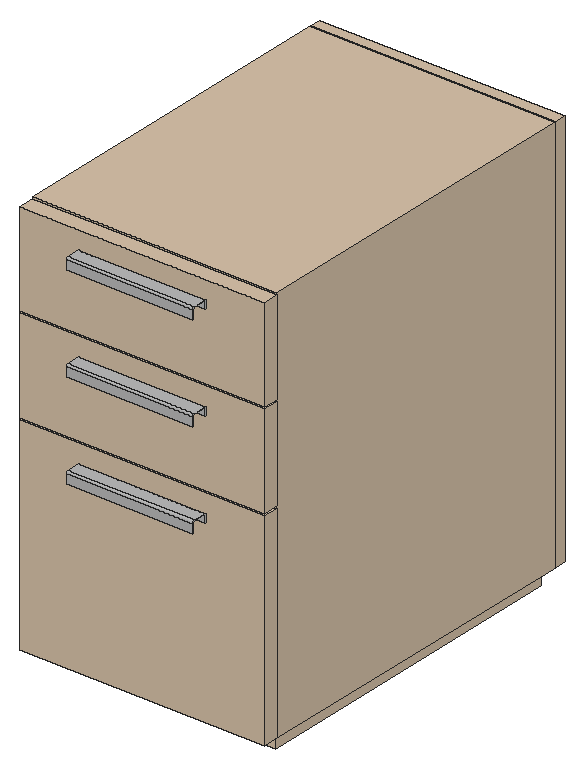
Revit family "Haworth_ComposeStorage_Pedestal", category Furniture Systems, Revit 2018
Family settings
  Round Connector Dimension = Use Diameter
  Part Type = Normal
  OmniClass Number = 23.40.70.14.64.21
  OmniClass Title = Systems Furniture
  Work Plane-Based = No
  Always vertical = Yes
  Cut with Voids When Loaded = No
  Shared = No
  Room Calculation Point = No
Parameters (values of type "Box Box File")
  Warranty = "http://www.haworth.com/resources/product-info/warranties"
  URL - Product = "www.haworth.com/products/storage/cabinets-towers/compose"
  Top Spacer = no
  Sustainability Info = "http://media.haworth.com/asset/2999/Compose%20PEDS.pdf"
  Spacer Finish = Haworth _ Wood _ White Oak
  Side Panel Base = not(or(Plynth Base, Chamfer Legs))  # yes
  Pull Finish = Haworth _ Paint _ Metallic Champagne
  Plynth Base = no
  Patterns Pull = not(or(Linear Pull, J Pull, Crescent Pull, Classic Pull))  # yes
  Model = "BZM"  # constant formula
  Min. Depth = 18"  # constant formula
  Max. Depth = 30"  # constant formula
  Linear Pull = no
  J Pull = no
  Finished Back = yes
  File File = no
  Drawer Width Middle = 17 15/16"  # constant formula
  Drawer Height Top = if(Plynth Base, 11 7/8", 12")  # 12"
  Drawer Height Middle = 12"  # constant formula
  Drawer Height Box = 5 15/16"  # constant formula
  Drawer Height Bottom = 13"  # constant formula
  Drawer Finish = Haworth _ Wood _ White Oak
  Description = "Haworth - Compose Storage Pedestal"  # constant formula
  Depth Adjuster = 1"  # constant formula
  Depth = 24"
  Shelf 1 = no
  URL = "www.haworth.com"
  Size = "Verify Final Dim. w/ Haworth"  # constant formula
  Revision Number = "3"  # constant formula
  Manufacturer = "Haworth"  # constant formula
  Custom Size = not(or(Depth = 18", Depth = 24", Depth = 30"))  # no
  Crescent Pull = no
  Classic Pull = no
  Chamfer Legs = no
  Spacer Height = if(Top Spacer, 1 1/4", 0")  # 0"
  Cabinet Finish = Haworth _ Wood _ White Oak
  Box Box File = not(File File)  # yes
  Base Low = or(Side Panel Base, Chamfer Legs)  # yes
  Base Height = if(Side Panel Base, 1", 1 1/4")  # 1"
  Base Finish = Haworth _ Wood _ White Oak
  Base = not(Chamfer Legs)  # yes
  Back Finish = Haworth _ Wood _ White Oak
  Author = "Haworth (Hampton), SHAPE Environments, LLC"  # constant formula
  Assembly Code = "E2020200"
  Standard Widths = "15.5 in."  # constant formula
  Standard Depths = "18, 24, 30 in."  # constant formula
  Actual Width = 15 1/2"  # constant formula
  Actual Height = if(Top Spacer, 27 1/2", 26 1/4")  # 26 1/4"
  Actual Depth = if(Depth > Max. Depth, Max. Depth - 1", if(Depth < Min. Depth, Min. Depth - 1", Depth - 1"))  # 23"
Types (2): name | File File | Box Box File
  Box Box File | no | yes
  File File | yes | no
Reference planes (in)
  plane 1 "Center F/B": y = 2
  plane 2 "Unit Bottom": z = 1
  plane 3 "Center L/R": x = 0.00055
  plane 4 "Unit Top": z = 26.25
  plane 5 "Base Bottom": z = 0
  plane 6 "Unit Left Edge": x = -7.74945
  plane 7 "Right": x = 7.75055
  plane 8 "Base Right Edge": x = 7.25055
  plane 9 "Left": x = -7.24945
  plane 10 "Base Rear Edge": y = 12.5
  plane 11 "Back": y = 13
  plane 12 "Base Front Edge": y = -8.5
  plane 13 "Face of Cabinet": y = -9
  plane 14 "Left Interior": x = -6.99918
  plane 15 "Right Interior": x = 7.00027
  plane 16 "Cabinet Interior Top": z = 25.5
  plane 17 "Cabinet Interior Bottom": z = 1.75
  plane 18: z = 26.25
  plane 19 "Front": y = -10
  plane 20: y = 13.75
  plane 21 "Back Panel Front": y = 11.625
  plane 22 "Back Panel Back": y = 12
  plane 23 "Drawer Placement 1": z = 14
  plane 24 "Drawer Placement 2": z = 14.125
  plane 25 "Drawer Placement 3": z = 26.125
  plane 26 "Drawer Placement 4": z = 26.25
  plane 27: x = -7.24945
  plane 28: x = 7.25055
  plane 29: z = 27.5
Forms (in)
  Extrusion 1, solid, material "Haworth _ Wood _ White Oak" <- "Base Finish", visible <- "Base"
    sketch origin (0, 0, 0) x (1, 0, 0) y (0, 1, 0)
      loop
        line (7.25055, 12.5) -> (-7.24945, 12.5) -> (-7.24945, -8.5) -> (7.25055, -8.5) -> (7.25055, 12.5)
    from 0 to 1
  Extrusion 2, solid, material "Haworth _ Wood _ White Oak" <- "Cabinet Finish"
    sketch origin (0, 0, 0) x (1, 0, 0) y (0, 1, 0)
      loop
        line (-6.99918, 12) -> (-6.99918, 11.625) -> (7.00027, 11.625) -> (7.00027, 12) -> (-6.99918, 12)
    from 1.75 to 25.5
  Extrusion 3, solid, material "Haworth _ Wood _ White Oak" <- "Cabinet Finish"
    sketch origin (0, 13, 0) x (1, 0, 0) y (0, 0, 1)
      loop
        line (-7.74945, 26.25) -> (-7.74945, 1) -> (7.75055, 1) -> (7.75055, 26.25) -> (-7.74945, 26.25)
      loop
        line (-6.99945, 25.5) -> (-6.99945, 1.75) -> (7.00027, 1.75) -> (7.00027, 25.5) -> (-6.99945, 25.5)
    from 0 to 22
  Extrusion 4, solid, material "Haworth _ Wood _ White Oak" <- "Spacer Finish", visible <- "Top Spacer"
    sketch origin (-14.065, -180, 26.25) x (-1, 0, 0) y (0, -1, 0)
      loop
        line (-21.31555, -192.5) -> (-6.81555, -192.5) -> (-6.81555, -171.5) -> (-21.31555, -171.5) -> (-21.31555, -192.5)
    from 0 to 1.25
  Extrusion 5, solid, material "Haworth _ Wood _ White Oak" <- "Back Finish", visible <- "Finished Back"
    sketch origin (0, 13, 0) x (1, 0, 0) y (0, 0, 1)
      loop
        line (-7.74945, 26.25) -> (-7.74945, 1) -> (7.75055, 1) -> (7.75055, 26.25) -> (-7.74945, 26.25)
    from 0 to -0.75
Lines and regions (in)
  Masking region 1
    outline origin (0, 0, 0) x (1, 0, 0) y (0, 1, 0)
      loop
        line (-7.74945, 13) -> (-7.74945, -9) -> (7.75055, -9) -> (7.75055, 13) -> (-7.74945, 13)
  Masking region 2, visible <- "Finished Back"
    outline origin (0, 0, 0) x (1, 0, 0) y (0, 1, 0)
      loop
        line (-7.74945, 13.75) -> (-7.74945, 13) -> (7.75055, 13) -> (7.75055, 13.75) -> (-7.74945, 13.75)
  symbolic lines, style "Haworth", not visible
    curve 1: line (7.75055, -10, 0) -> (-7.74945, -10, 0)
    curve 2: line (7.75055, -10, 0) -> (7.75055, -9, 0)
    curve 3: line (-7.74945, -10, 0) -> (-7.74945, -9, 0)
    curve 4: line (0.00055, -10, 0) -> (0.00055, -9, 0)
Dimensions and locks (in)
  equal spacing: plane 6 "Unit Left Edge", plane 3 "Center L/R", plane 7 "Right"
  "Actual Width": plane 6 "Unit Left Edge" to plane 7 "Right"
  equal spacing: plane 13 "Face of Cabinet", plane 1 "Center F/B", plane 11 "Back"
  "Actual Depth": plane 19 "Front" to plane 11 "Back"
  "Actual Height": plane 18 to level
  Extrusion 3 to plane 7 "Right" = 0.75027"
  locked: plane 6 "Unit Left Edge" to Extrusion 3 at 0.75
  locked: plane 6 "Unit Left Edge" to plane 9 "Left" at 0.5
  locked: plane 8 "Base Right Edge" to plane 7 "Right" at 0.5
  locked: plane 13 "Face of Cabinet" to plane 12 "Base Front Edge" at 0.5
  locked: plane 6 "Unit Left Edge" to plane 14 "Left Interior" at 0.75027
  locked: plane 15 "Right Interior" to plane 7 "Right" at 0.75027
  locked: plane 17 "Cabinet Interior Bottom" to plane 2 "Unit Bottom" at 0.75
  locked: plane 10 "Base Rear Edge" to plane 11 "Back" at 0.5
  "Base Height": plane 2 "Unit Bottom" to level
  "Spacer Height": plane 18 to plane 4 "Unit Top"
  locked: plane 4 "Unit Top" to plane 16 "Cabinet Interior Top" at 0.75
  "Depth Adjuster": plane 19 "Front" to plane 13 "Face of Cabinet"
  locked: plane 20 to plane 11 "Back" at 0.75
  plane 11 "Back" to plane 22 "Back Panel Back" to plane 21 "Back Panel Front" = 1", 3/8"
  "Drawer Height Bottom": plane 23 "Drawer Placement 1" to plane 2 "Unit Bottom"
  plane 24 "Drawer Placement 2" to plane 23 "Drawer Placement 1" = 1/8"
  plane 26 "Drawer Placement 4" to plane 25 "Drawer Placement 3" = 1/8"
  "Drawer Height Middle": plane 25 "Drawer Placement 3" to plane 24 "Drawer Placement 2"
  aligned: Extrusion 1 to level
  aligned: plane 4 "Unit Top" to Extrusion 3  (x3)
  aligned: level to Extrusion 1
  aligned: Extrusion 2 to Extrusion 3  (x4)
  aligned: Extrusion 3 to plane 11 "Back"  (x2)
  aligned: Extrusion 2 to plane 11 "Back"  (x2)
  aligned and locked: Extrusion 1 to plane 10 "Base Rear Edge"
  aligned and locked: plane 9 "Left" to Extrusion 1
  aligned and locked: plane 8 "Base Right Edge" to Extrusion 1
  aligned: plane 7 "Right" to Extrusion 3
  aligned: plane 6 "Unit Left Edge" to Extrusion 3
  aligned: plane 13 "Face of Cabinet" to Extrusion 3  (x2)
  aligned and locked: plane 12 "Base Front Edge" to Extrusion 1
  aligned: plane 2 "Unit Bottom" to Extrusion 3
  aligned: Extrusion 1 to plane 5 "Base Bottom"  (x2)
  aligned: plane 2 "Unit Bottom" to Extrusion 1  (x2)
  aligned and locked: plane 15 "Right Interior" to Extrusion 2
  aligned and locked: plane 14 "Left Interior" to Extrusion 2
  aligned: Extrusion 3 to plane 2 "Unit Bottom"
  aligned: plane 3 "Center L/R" to nested 1
  aligned: nested 1 to plane 15 "Right Interior"
  aligned: nested 1 to plane 14 "Left Interior"
  aligned: plane 16 "Cabinet Interior Top" to Extrusion 3
  aligned: plane 17 "Cabinet Interior Bottom" to Extrusion 3
  aligned and locked: nested 1 to plane 13 "Face of Cabinet"
  aligned and locked: level to plane 5 "Base Bottom"
  aligned and locked: nested 1 to plane 14 "Left Interior"
  aligned and locked: nested 1 to plane 15 "Right Interior"
  aligned and locked: plane 16 "Cabinet Interior Top" to Extrusion 3 sketch curve
  aligned and locked: plane 16 "Cabinet Interior Top" to Extrusion 2
  aligned and locked: plane 2 "Unit Bottom" to Extrusion 1
  aligned and locked: Extrusion 2 to plane 17 "Cabinet Interior Bottom"
  aligned and locked: Masking region 1 sketch curve to Extrusion 3  (x2)
  aligned and locked: plane 13 "Face of Cabinet" to Extrusion 3
  aligned and locked: plane 13 "Face of Cabinet" to nested 3
  aligned and locked: plane 6 "Unit Left Edge" to nested 3
  aligned and locked: plane 7 "Right" to nested 5
  aligned and locked: nested 5 to plane 13 "Face of Cabinet"
  aligned and locked: nested 2 to plane 6 "Unit Left Edge"
  aligned and locked: nested 4 to plane 7 "Right"
  aligned and locked: plane 11 "Back" to nested 2
  aligned and locked: nested 4 to plane 11 "Back"
  aligned and locked: Extrusion 5 sketch curve to Extrusion 3  (x2)
  aligned and locked: Extrusion 5 sketch curve to nested 4
  aligned and locked: plane 20 to Extrusion 5
  aligned and locked: Masking region 2 sketch curve to plane 7 "Right"
  aligned and locked: plane 6 "Unit Left Edge" to Masking region 2 sketch curve
  aligned and locked: Masking region 2 sketch curve to plane 11 "Back"
  aligned and locked: Masking region 2 sketch curve to plane 20
  aligned and locked: Extrusion 2 to plane 22 "Back Panel Back"
  aligned and locked: plane 21 "Back Panel Front" to Extrusion 2
  aligned and locked: nested 1 to plane 21 "Back Panel Front"
  aligned and locked: plane 2 "Unit Bottom" to Extrusion 5 sketch curve
  aligned and locked: plane 3 "Center L/R" to nested 6
  aligned and locked: plane 13 "Face of Cabinet" to nested 6
  aligned and locked: plane 2 "Unit Bottom" to nested 6
  aligned and locked: plane 13 "Face of Cabinet" to nested 7
  aligned and locked: nested 7 to plane 24 "Drawer Placement 2"
  aligned and locked: nested 1 to plane 23 "Drawer Placement 1"
  aligned and locked: nested 7 to plane 7 "Right"
  aligned and locked: plane 6 "Unit Left Edge" to nested 8
  aligned and locked: plane 19 "Front" to nested 8
  aligned and locked: nested 8 to plane 24 "Drawer Placement 2"
  aligned and locked: nested 9 to plane 25 "Drawer Placement 3"
  aligned and locked: plane 19 "Front" to nested 9
  aligned and locked: nested 9 to plane 7 "Right"
  aligned and locked: plane 11 "Back" to Extrusion 5
  aligned and locked: Extrusion 4 to plane 10 "Base Rear Edge"
  aligned and locked: plane 12 "Base Front Edge" to Extrusion 4
  aligned and locked: Extrusion 1 to plane 5 "Base Bottom"
  aligned and locked: plane 7 "Right" to Extrusion 3
  aligned and locked: Extrusion 3 to plane 6 "Unit Left Edge"
  aligned and locked: Extrusion 3 to Extrusion 2
  aligned and locked: Extrusion 4 to plane 28
  aligned and locked: plane 29 to Extrusion 4
  aligned and locked: plane 27 to Extrusion 4
  aligned and locked: plane 26 "Drawer Placement 4" to Extrusion 4
  aligned and locked: Extrusion 3 to plane 11 "Back"
Automatic sketch dimensions
  Extrusion 1 sketch curve to plane 9 "Left" = 0"
  plane 8 "Base Right Edge" to Extrusion 1 sketch curve = 0"
  plane 12 "Base Front Edge" to Extrusion 1 sketch curve = 0"
  plane 10 "Base Rear Edge" to Extrusion 1 sketch curve = 0"
  Extrusion 2 sketch curve to plane 14 "Left Interior" = 0"
  plane 11 "Back" to Extrusion 2 sketch curve = 1"
  Extrusion 2 sketch curve to plane 15 "Right Interior" = 0"
  Extrusion 3 sketch curve to plane 2 "Unit Bottom" = 0"
  Extrusion 3 sketch curve to plane 6 "Unit Left Edge" = 0"
  Extrusion 3 sketch curve to plane 17 "Cabinet Interior Bottom" = 0"
  plane 4 "Unit Top" to Extrusion 3 sketch curve = 0"
  plane 14 "Left Interior" to Extrusion 3 sketch curve = 0.00027"
  Extrusion 3 sketch curve to plane 15 "Right Interior" = 0"
  plane 7 "Right" to Extrusion 3 sketch curve = 0"
  Extrusion 4 sketch curve to plane 8 "Base Right Edge" = 0"
  Extrusion 4 sketch curve to plane 9 "Left" = 0"
  plane 10 "Base Rear Edge" to Extrusion 4 sketch curve = 0"
  plane 12 "Base Front Edge" to Extrusion 4 sketch curve = 0"
  plane 13 "Face of Cabinet" to curve 3 = 0"
  plane 13 "Face of Cabinet" to curve 4 = 0"
  plane 13 "Face of Cabinet" to curve 2 = 0"
  curve 4 to curve 4 = 1"
  Extrusion 2 sketch curve to Extrusion 2 sketch curve = 3/8"
  curve 4 to plane 3 "Center L/R" = 0"
  curve 2 to plane 7 "Right" = 0"
  Masking region 1 sketch curve to plane 7 "Right" = 0"
  plane 13 "Face of Cabinet" to Masking region 1 sketch curve = 0"
  curve 1 to plane 6 "Unit Left Edge" = 0"
Nested families (in)
  nested 1: "Haworth_Shelf" at (-8.24945, -2.9375, 13.25), visible <- "Shelf 1", type "Haworth_Shelf"
    with Shelf Width 13.99945", Shelf Thickness 3/4", Shelf Depth 20 5/8"
  nested 2: "Haworth_Feet" at (-6.81195, 13, 0), visible <- "Chamfer Legs", type "Haworth_Feet"
  nested 3: "Haworth_Feet" at (-6.81195, -9, 0), visible <- "Chamfer Legs", type "Haworth_Feet"
  nested 4: "Haworth_Feet" at (6.81305, 13, 0) x (-1, 0, 0) z (0, 0, 1), visible <- "Chamfer Legs", type "Haworth_Feet"
  nested 5: "Haworth_Feet" at (6.81305, -9, 0) x (-1, 0, 0) z (0, 0, 1), visible <- "Chamfer Legs", type "Haworth_Feet"
  nested 6: "Haworth_Drawer" at (0.00055, -9, 1), type "Haworth_Drawer_Bottom"
    with J Pull Drawer no
  nested 7: "Haworth_Drawer" at (0.00055, -9, 14.125), visible <- "File File", type "Haworth_Drawer_Middle"
    with J Pull Drawer no
  nested 8: "Haworth_Drawer" at (0.00055, -9, 14.125), visible <- "Box Box File", type "Haworth_Drawer_Box"
    with J Pull Drawer no
  nested 9: "Haworth_Drawer" at (0.00055, -9, 20.1875), visible <- "Box Box File", type "Haworth_Drawer_Box"
    with J Pull Drawer no
Definition of nested family "Haworth_Shelf"
  Parameters
    Width = 0"
    Warranty = ""
    URL - Product = ""
    URL = "www.haworth.com"
    Sustainability Info = ""
    Size = "Verify Final Dim. w/ Haworth"  # constant formula
    Shelf Thickness [instance] = 3/4"
    Shelf Finish = none
    Revision Number = ""
    Shelf Width [instance] = 12"
    Shelf Depth [instance] = 12"
    OmniClass Number = ""
    Min/Max Width = ""
    Min/Max Height = ""
    Min. Width = 0"
    Max. Width = 0"
    Min. Height = 0"
    Max. Height = 0"
    Material Options = ""
    Manufacturer = "Haworth"  # constant formula
    LEED Data = ""
    Height = 0"
    Author = "SHAPE Environments, LLC"  # constant formula
    Assembly Code = ""
    Actual Width = 0"
    Actual Height = 0"
  Reference planes (in)
    plane 1 "Center F/B": y = 4.25
    plane 2: z = 0
    plane 3 "Center L/R": x = 8.25
    plane 4 "Panel Left": x = 2.25
    plane 5 "Panel Right": x = 14.25
    plane 6 "Panel Back": y = 10.25
    plane 7 "Panel Front": y = -1.75
    plane 8 "Panel Top": z = 0.75
  Forms (in)
    Extrusion 1, solid, material <- "Shelf Finish"
      sketch origin (0, 0, 0) x (1, 0, 0) y (0, 1, 0)
        loop
          line (2.25, 10.25) -> (2.25, -1.75) -> (14.25, -1.75) -> (14.25, 10.25) -> (2.25, 10.25)
      from 0 to 0.75
  Dimensions and locks (in)
    equal spacing: plane 6 "Panel Back", plane 1 "Center F/B", plane 7 "Panel Front"
    "Shelf Depth": plane 6 "Panel Back" to plane 7 "Panel Front"
    equal spacing: plane 4 "Panel Left", plane 3 "Center L/R", plane 5 "Panel Right"
    "Shelf Width": plane 4 "Panel Left" to plane 5 "Panel Right"
    "Shelf Thickness": plane 8 "Panel Top" to level
    aligned and locked: plane 4 "Panel Left" to Extrusion 1 sketch curve
    aligned and locked: Extrusion 1 sketch curve to plane 6 "Panel Back"
    aligned and locked: plane 7 "Panel Front" to Extrusion 1 sketch curve
    aligned and locked: Extrusion 1 sketch curve to plane 5 "Panel Right"
    aligned and locked: plane 8 "Panel Top" to Extrusion 1
Definition of nested family "Haworth_Feet"
  Parameters
    URL = "www.haworth.com"
    Sustainability Info = ""
    Material Options = ""
    Manufacturer = "Haworth"  # constant formula
    LEED Data = ""
    Foot Height = 1"
    Foot Finish = none
    Author = "SHAPE Environments, LLC"  # constant formula
    Assembly Code = ""
  Reference planes (in)
    plane 1 "Center F/B": y = 0
    plane 2: z = 0
    plane 3 "Center L/R": x = 0
    plane 4: z = 1
  Forms (in)
    Extrusion 1, solid, material <- "Foot Finish"
      sketch origin (-0.14373, 0, 0) x (0, 1, 0) y (0, 0, 1)
        loop
          line (-1.29167, 0.25) -> (-1.25, 0) -> (0, 0) -> (0, 1) -> (-3.75, 1) -> (-3.75, 0.5) -> (-1.54167, 0.5)
          arc (-1.54167, 0.5) -> (-1.36489, 0.42678) -> (-1.29167, 0.25) r 0.25
      from -0.79377 to 1.08123
  Dimensions and locks (in)
    "Foot Height": plane 4 to level
    plane 1 "Center F/B" to Extrusion 1 sketch curve = 3 3/4"
    locked: level to Extrusion 1 sketch curve (angle 80.5377°)
  Automatic sketch dimensions
    Extrusion 1 sketch curve to level = 0"
    Extrusion 1 sketch curve to plane 1 "Center F/B" = 0"
    plane 1 "Center F/B" to Extrusion 1 sketch curve = 1 1/4"
    Extrusion 1 sketch curve to Extrusion 1 sketch curve = 1/4"
    plane 4 to Extrusion 1 sketch curve = 0"
    plane 4 to Extrusion 1 sketch curve = 3/4"
Definition of nested family "Haworth_Drawer"
  Parameters (values of type "Haworth_Drawer_Box")
    Pull Taper = no
    Pull Radius = no
    Pull Patterns = yes
    Pull Linear = no
    Pull Height = 1 7/16"
    Pull Finish = none
    Pull Ellipse = no
    Pull Crescent = no
    Pull Classic = no
    J Pull Drawer [instance] = J Pull  # no
    J Pull = no
    Integral Pull Location = if(Integral Pull, 3 5/8", 1")  # 1"
    Integral Pull = no
    Front Finish = none
    Drawer Width = 15 1/2"
    Flush Drawer = not(J Pull)  # yes
    Drawer Height = 5 15/16"
    Drawer Finish = none
    Drawer Depth = 1"
    Assembly Code = ""
  Types (3): name | Drawer Height
    Haworth_Drawer_Box | 5 15/16"
    Haworth_Drawer_Middle | 12"
    Haworth_Drawer_Bottom | 13"
  Reference planes (in)
    plane 1 "Drawer Back": y = 0
    plane 2: z = 0
    plane 3 "Center L/R": x = 0
    plane 4 "Drawer Front": y = -1
    plane 5 "Left": x = -7.75
    plane 6 "Right": x = 7.75
    plane 7 "Top": z = 5.9375
    plane 8: y = -4
    plane 9: y = -3
    plane 10 "Integral Top": z = 4.21875
    plane 11 "Pull Location": z = 4.5
    plane 12 "Integral Bottom": z = 4.78125
  Forms (in)
    Extrusion 1, solid, material <- "Drawer Finish", visible <- "J Pull Drawer"
      sketch origin (-7.75, 0, 0) x (0, 1, 0) y (0, 0, 1)
        loop
          line (0, 5.9375) -> (-0.25, 5.9375) -> (-0.25, 5.375) -> (-1, 5.375) -> (-1, 0) -> (0, 0) -> (0, 5.9375)
      from 0 to 15.5
    Extrusion 2, solid, material <- "Drawer Finish", visible <- "Flush Drawer"
      sketch origin (-7.75, 0, 2.25) x (0, 1, 0) y (0, 0, 1)
        loop
          line (0, 3.6875) -> (-1, 3.6875) -> (-1, -2.25) -> (0, -2.25) -> (0, 3.6875)
      from 0 to 15.5
    Extrusion 3, void
      sketch origin (0, -1, 0) x (-1, 0, 0) y (0, 0, 1)
        loop
          line (4, 4.21875) -> (4, 4.78125) -> (-4, 4.78125) -> (-4, 4.21875) -> (4, 4.21875)
      from -3.25 to -2
  Cuts and joins
    Extrusion 3 cuts Extrusion 1
    Extrusion 3 cuts Extrusion 2
  Lines and regions (in)
    Masking region 1
      outline origin (0, 0, 0) x (1, 0, 0) y (0, 1, 0)
        loop
          line (-7.75, 0) -> (-7.75, -1) -> (7.75, -1) -> (7.75, 0) -> (-7.75, 0)
  Dimensions and locks (in)
    equal spacing: plane 5 "Left", plane 3 "Center L/R", plane 6 "Right"
    "Drawer Width": plane 5 "Left" to plane 6 "Right"
    "Drawer Depth": plane 1 "Drawer Back" to plane 4 "Drawer Front"
    "Drawer Height": plane 7 "Top" to level
    locked: plane 8 to plane 1 "Drawer Back" at 4
    "Integral Pull Location": plane 8 to plane 9
    equal spacing: Extrusion 3 sketch curve, plane 3 "Center L/R", Extrusion 3 sketch curve
    locked: Extrusion 3 sketch curve to Extrusion 3 sketch curve at 8
    "Pull Height": plane 7 "Top" to plane 11 "Pull Location"
    equal spacing: plane 12 "Integral Bottom", plane 11 "Pull Location", plane 10 "Integral Top"
    locked: plane 12 "Integral Bottom" to plane 10 "Integral Top" at 0.5625
    aligned and locked: Extrusion 1 sketch curve to plane 1 "Drawer Back"
    aligned and locked: Extrusion 1 sketch curve to plane 2
    aligned and locked: Extrusion 1 sketch curve to plane 4 "Drawer Front"
    aligned and locked: Extrusion 1 to plane 6 "Right"
    aligned and locked: Extrusion 2 to plane 6 "Right"
    aligned and locked: plane 1 "Drawer Back" to Extrusion 2 sketch curve
    aligned and locked: plane 7 "Top" to Extrusion 2 sketch curve
    aligned and locked: level to Extrusion 2 sketch curve
    aligned and locked: Extrusion 2 sketch curve to plane 4 "Drawer Front"
    aligned: plane 7 "Top" to nested 1
    aligned: Extrusion 3 to plane 8
    aligned: plane 9 to Extrusion 3
    aligned and locked: nested 1 to plane 4 "Drawer Front"
    aligned and locked: plane 12 "Integral Bottom" to Extrusion 3 sketch curve
    aligned and locked: nested 1 to plane 11 "Pull Location"
    aligned and locked: plane 3 "Center L/R" to nested 1
    aligned and locked: plane 9 to Extrusion 3
    aligned and locked: plane 4 "Drawer Front" to Masking region 1 sketch curve
    aligned and locked: plane 1 "Drawer Back" to Masking region 1 sketch curve
    aligned and locked: plane 5 "Left" to Masking region 1 sketch curve
    aligned and locked: plane 6 "Right" to Masking region 1 sketch curve
  Automatic sketch dimensions
    Extrusion 1 sketch curve to plane 7 "Top" = 0"
    plane 1 "Drawer Back" to Extrusion 1 sketch curve = 1/4"
    Extrusion 1 sketch curve to Extrusion 1 sketch curve = 9/16"
    Extrusion 3 sketch curve to plane 10 "Integral Top" = 0"
  Nested families (in)
    nested 1: "Haworth_Drawer-Pulls" at (0, -1, 4.5), type "Pull"
      with Patterns yes, Linear no
  Definition of nested family "Haworth_Drawer-Pulls"
    Parameters
      Taper = no
      Radius = no
      Patterns = no
      Linear = yes
      Handle Finish = none
      Ellipse = no
      Cresent = no
      Classic = no
      Assembly Code = ""
    Reference planes (in)
      plane 1 "Center Front/Back": y = 0
      plane 2: z = 0
      plane 3 "Center Left/Right": x = 0
    Forms (in)
      Extrusion 1, solid, material <- "Handle Finish", visible <- "Ellipse"
        sketch origin (0, 0, 0.15915) x (0, 1, 0) y (0, 0, 1)
          loop
            arc (-0.03015, 0) -> (-0.26713, -0.02983) -> (-0.49038, -0.11475) r 1.00501
            arc (-0.49038, -0.11475) -> (-0.65216, -0.22112) -> (-0.78985, -0.35725) r 0.97894
            arc (-0.78985, -0.35725) -> (-0.87314, -0.47263) -> (-0.94033, -0.59807) r 1.0667
            arc (-0.94033, -0.59807) -> (-0.90977, -0.66145) -> (-0.84562, -0.63254) r 0.05041
            arc (-0.84562, -0.63254) -> (-0.67669, -0.39049) -> (-0.44702, -0.20509) r 1.04885
            arc (-0.44702, -0.20509) -> (-0.35012, -0.16094) -> (-0.24858, -0.12892) r 0.8735
            arc (-0.24858, -0.12892) -> (-0.16053, -0.15188) -> (-0.11419, -0.23018) r 0.11948
            arc (-0.11419, -0.23018) -> (-0.0664, -0.27738) -> (0, -0.26729) r 0.07488
            line (0, -0.26729) -> (0, -0.05102) -> (-0.03015, 0)
        from -6.51863 to 6.51698
      Extrusion 2, void
        sketch origin (0, 0, 0.15915) x (1, 0, 0) y (0, 1, 0)
          loop
            line (-6.49996, 0) -> (-6.67266, 0) -> (-6.67266, -1.11616) -> (6.67266, -1.11616) -> (6.67266, 0) -> (6.49996, 0)
            arc (6.49996, 0) -> (6.46575, -0.17809) -> (6.37201, -0.33332) r 0.51574
            arc (6.37201, -0.33332) -> (6.23583, -0.44508) -> (6.07096, -0.50713) r 0.54076
            arc (6.07096, -0.50713) -> (4.5721, -0.7479) -> (3.05951, -0.87689) r 20.46435
            arc (3.05951, -0.87689) -> (0, -0.95029) -> (-3.05951, -0.87689) r 63.79827
            arc (-3.05951, -0.87689) -> (-4.5721, -0.7479) -> (-6.07096, -0.50713) r 20.46435
            arc (-6.07096, -0.50713) -> (-6.23583, -0.44508) -> (-6.37201, -0.33332) r 0.54076
            arc (-6.37201, -0.33332) -> (-6.46575, -0.17809) -> (-6.49996, 0) r 0.51574
        from 0 to -0.90865
      Blend 3, solid, material <- "Handle Finish", visible <- "Radius"
        base sketch origin (0, 0, 0.3125) x (0, 1, 0) y (0, 0, -1)
          loop
            line (0, 0) -> (0, 0.625) -> (-0.40339, 0.625)
            arc (-0.40339, 0.625) -> (-0.71589, 0.3125) -> (-0.40339, 0) r 0.3125
            line (-0.40339, 0) -> (0, 0)
        top sketch origin (0, 0, 0.3125) x (0, 1, 0) y (0, 0, -1)
          loop
            line (0, 0) -> (0, 0.625) -> (-0.77884, 0.625)
            arc (-0.77884, 0.625) -> (-1.09134, 0.3125) -> (-0.77884, 0) r 0.3125
            line (-0.77884, 0) -> (0, 0)
        from -4.875 to -3.625
      Sweep 4, solid, material <- "Handle Finish", visible <- "Radius"
        path origin (0, 0, 0) x (1, 0, 0) y (0, 1, 0)
          loop
            arc (-4.875, -0.71589) -> (0, -1.5425) -> (4.875, -0.71589) r 14.78881
        profile origin (0, -1.5425, 0) x (0, 1, 0) y (0, 0, 1)
          loop
            circle (0.3125, 0) r 0.30469
      Extrusion 5, solid, material <- "Handle Finish", visible <- "Taper"
        sketch origin (0, 0, 0.27281) x (0, 1, 0) y (0, 0, 1)
          loop
            line (0, 0) -> (-0.875, 0)
            arc (-0.875, 0) -> (-0.96339, -0.03661) -> (-1, -0.125) r 0.125
            line (-1, -0.125) -> (-1, -0.7) -> (-0.96886, -0.7) -> (-0.96886, -0.1251)
            arc (-0.96886, -0.1251) -> (-0.94137, -0.05874) -> (-0.875, -0.03125) r 0.09386
            line (-0.875, -0.03125) -> (-0.03125, -0.03125) -> (-0.03125, -0.53) -> (0, -0.53) -> (0, 0)
        from -6.5565 to 6.5565
      Extrusion 6, void
        sketch origin (0, 0, 0.27281) x (1, 0, 0) y (0, 0, 1)
          loop
            arc (-5.23353, -0.7191) -> (-5.99714, -0.52453) -> (-6.57454, 0.01172) r 1.59575
            line (-6.57454, 0.01172) -> (-6.85981, 0.01172) -> (-6.85981, -1) -> (6.85981, -1) -> (6.85981, 0.01172) -> (6.57454, 0.01172)
            arc (6.57454, 0.01172) -> (5.99714, -0.52453) -> (5.23353, -0.7191) r 1.59575
            line (5.23353, -0.7191) -> (-5.23353, -0.7191)
        from 0 to 2.20115
      Sweep 7, solid, material <- "Handle Finish", visible <- "Cresent"
        path origin (0, 0, 0.125) x (1, 0, 0) y (0, 1, 0)
          loop
            arc (-3.80272, 0.04) -> (0, -1.24998) -> (3.80273, 0.04) r 6.25
        profile origin (0, -1.24998, 0.125) x (0, 1, 0) y (0, 0, 1)
          loop
            circle (0.125, -0.125) r 0.125
      Extrusion 8, void
        sketch origin (0, 0, 0.125) x (1, 0, 0) y (0, 1, 0)
          loop
            line (-3.94545, 0) -> (3.94399, 0) -> (3.94399, 0.32073) -> (-3.94545, 0.32073) -> (-3.94545, 0)
        from 0.03472 to -0.28458
      Extrusion 9, solid, material <- "Handle Finish", visible <- "Linear"
        sketch origin (0, 0, 0.125) x (1, 0, 0) y (0, 1, 0)
          loop
            line (-4, 0) -> (-4, -1.25) -> (4, -1.25) -> (4, 0) -> (3, 0) -> (3, -1) -> (-3, -1) -> (-3, 0) -> (-4, 0)
        from 0 to -0.25
      Extrusion 10, solid, material <- "Handle Finish", visible <- "Classic"
        sketch origin (0, 0, 0.375) x (1, 0, 0) y (0, 0, 1)
          loop
            line (-3.375, 0) -> (-3.375, -0.75)
            arc (-3.375, -0.75) -> (-3, -0.375) -> (-3.375, 0) r 0.375
        from 0 to 1
      Extrusion 11, solid, material <- "Handle Finish", visible <- "Classic"
        sketch origin (0, 0, 0.375) x (-1, 0, 0) y (0, 0, -1)
          loop
            arc (-3.375, 0) -> (-3, 0.375) -> (-3.375, 0.75) r 0.375
            line (-3.375, 0.75) -> (-3.375, 0)
        from 0 to 1
      Extrusion 12, solid, material <- "Handle Finish", visible <- "Classic"
        sketch origin (0, 0, 0.375) x (1, 0, 0) y (0, 0, 1)
          loop
            line (-3.375, 0) -> (-3.375, -0.75) -> (3.375, -0.75) -> (3.375, 0) -> (-3.375, 0)
        from 1 to 1.25
      Blend 13, solid, material <- "Handle Finish", visible <- "Radius"
        base sketch origin (0, 0, 0.3125) x (0, 1, 0) y (0, 0, 1)
          loop
            line (0, 0) -> (-0.40339, 0)
            arc (-0.40339, 0) -> (-0.71589, -0.3125) -> (-0.40339, -0.625) r 0.3125
            line (-0.40339, -0.625) -> (0, -0.625) -> (0, 0)
        top sketch origin (0, 0, 0.3125) x (0, 1, 0) y (0, 0, 1)
          loop
            line (0, 0) -> (-0.77884, 0)
            arc (-0.77884, 0) -> (-1.09134, -0.3125) -> (-0.77884, -0.625) r 0.3125
            line (-0.77884, -0.625) -> (0, -0.625) -> (0, 0)
        from -4.875 to -3.625
      Extrusion 14, solid, material <- "Handle Finish", visible <- "Patterns"
        sketch origin (0, 0, 0.27281) x (0, 1, 0) y (0, 0, 1)
          loop
            line (0, 0) -> (-0.875, 0)
            arc (-0.875, 0) -> (-0.96339, -0.03661) -> (-1, -0.125) r 0.125
            line (-1, -0.125) -> (-1, -0.7) -> (-0.96886, -0.7) -> (-0.96886, -0.1251)
            arc (-0.96886, -0.1251) -> (-0.94137, -0.05874) -> (-0.875, -0.03125) r 0.09386
            line (-0.875, -0.03125) -> (-0.03125, -0.03125) -> (-0.03125, -0.53) -> (0, -0.53) -> (0, 0)
        from -4 to 4
    Cuts and joins
      Extrusion 2 cuts Extrusion 1
      joined: Extrusion 10, Extrusion 11, Extrusion 12
      Extrusion 6 cuts Extrusion 5
      Extrusion 8 cuts Sweep 7
      joined: Blend 3, Sweep 4, Blend 13
Types in the file's own list only (6): name | File File | Depth | Box Box File | Actual Depth
  15.5w 18d Box Box File | No | 18" | Yes | 17"
  15.5w 24d Box Box File | No | 24" | Yes | 23"
  15.5w 30d Box Box File | No | 30" | Yes | 29"
  15.5w 18d File File | Yes | 18" | No | 17"
  15.5w 24d File File | Yes | 24" | No | 23"
  15.5w 30d File File | Yes | 30" | No | 29"
